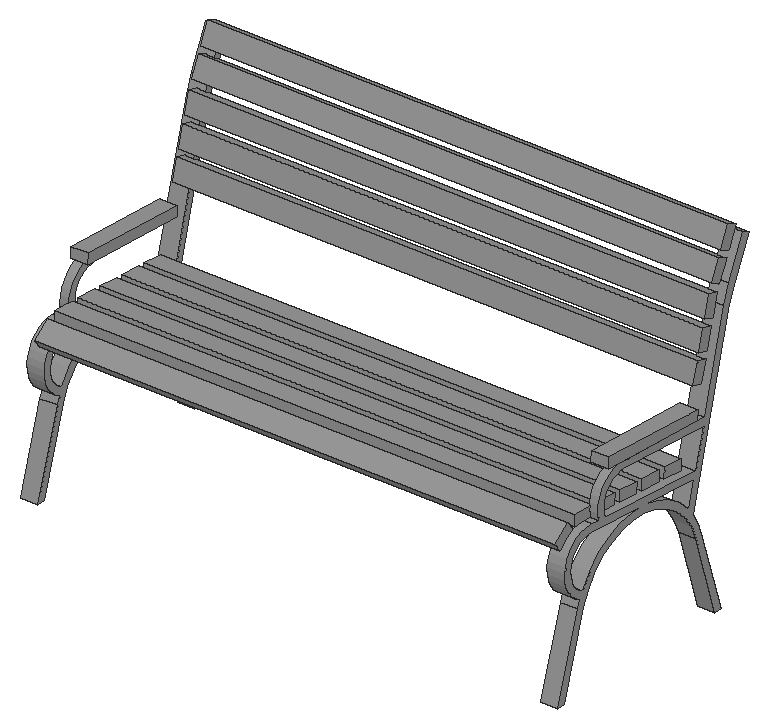
Revit family "Скамейка стальная «Риза» Арт 20380", category Антураж, Revit 2018
Family settings
  На основе рабочей плоскости = Нет
  Всегда вертикально = Да
  При загрузке вырезать с полостями = Нет
  Источник визуального образа = Геометрия семейства
  Общий = Нет
  Точка расчета площади = Нет
Parameters (values of type "Скамейка стальная «Риза»")
  Ширина = 700 mm  # constant formula
  Цвет опор = Сталь
  Цвет лавки = Дерево
  Описание = "Скамейка стальная «Риза»"  # constant formula
  Материал изделия = "Сталь, дерево"  # constant formula
  Изображение типоразмера = Скамейка стальная «Риза» Арт 20380.jpg
  Изготовитель = "ООО «Хоббика»"  # constant formula
  Длина = 1500 mm  # constant formula
  Группа модели = "Скамейки"  # constant formula
  Высота = 960 mm  # constant formula
  Артикул товара = "Арт. 20380"  # constant formula
  URL = "https://hobbyka.ru/product/divan_parkovyy_riza/"
Reference planes
  plane 1 "По центру (Вперед/Назад)": y = 0
  plane 2: z = 0
  plane 3 "По центру (Влево/Вправо)": x = 0
  plane 4: x = 1500
  plane 5: y = 700
  plane 6: z = 960
Forms (mm)
  Extrusion 1, solid, material "Сталь" <- "Цвет опор"
    sketch origin (0, 0, 0) x (0, 1, 0) y (0, 0, 1)
      loop
        line (677.319, 938.787) -> (626.604, 830.03) -> (607.793, 778.347) -> (505.56, 396.806) -> (131.473, 422.965)
        arc (131.473, 422.965) -> (36.013, 353.264) -> (88.579, 247.397) r 91.685
        arc (88.579, 247.397) -> (84.298, 236.685) -> (80.553, 225.774) r 233.338
        line (80.553, 225.774) -> (9.23, 0) -> (30.204, 0) -> (99.624, 219.749)
        arc (99.624, 219.749) -> (303.053, 368.824) -> (506.482, 219.749) r 213.338
        line (506.482, 219.749) -> (575.901, 0) -> (596.875, 0) -> (525.553, 225.774)
        arc (525.553, 225.774) -> (513.211, 256.877) -> (496.547, 285.895) r 233.338
        line (496.547, 285.895) -> (626.886, 772.327) -> (645.1, 822.369) -> (695.445, 930.334) -> (677.319, 938.787)
      loop
        line (500.286, 377.126) -> (130.078, 403.013)
        arc (130.078, 403.013) -> (55.351, 348.144) -> (97.246, 265.442) r 71.685
        arc (97.246, 265.442) -> (278.476, 387.526) -> (481.259, 306.115) r 233.338
        line (481.259, 306.115) -> (500.286, 377.126)
    from -25 to 25
  Extrusion 2, solid, material "Сталь" <- "Цвет опор"
    sketch origin (0, 0, 0) x (0, 1, 0) y (0, 0, 1)
      loop
        line (538.781, 520.79) -> (249.179, 535.968)
        arc (249.179, 535.968) -> (173.492, 502.27) -> (156.267, 421.231) r 91.246
        line (156.267, 421.231) -> (177.732, 419.73)
        arc (177.732, 419.73) -> (186.895, 486.904) -> (248.132, 515.995) r 71.246
        line (248.132, 515.995) -> (533.489, 501.04) -> (538.781, 520.79)
    from -25 to 0
  Extrusion 3, solid, material "Сталь" <- "Цвет опор"
    sketch origin (1500, 0, 0) x (0, 1, 0) y (0, 0, -1)
      loop
        line (677.319, -938.787) -> (695.445, -930.334) -> (645.1, -822.369) -> (626.886, -772.327) -> (496.547, -285.895)
        arc (496.547, -285.895) -> (513.211, -256.877) -> (525.553, -225.774) r 233.338
        line (525.553, -225.774) -> (596.875, 0) -> (575.901, 0) -> (506.482, -219.749)
        arc (506.482, -219.749) -> (303.053, -368.824) -> (99.624, -219.749) r 213.338
        line (99.624, -219.749) -> (30.204, 0) -> (9.23, 0) -> (80.553, -225.774)
        arc (80.553, -225.774) -> (84.298, -236.685) -> (88.579, -247.397) r 233.338
        arc (88.579, -247.397) -> (36.013, -353.264) -> (131.473, -422.965) r 91.685
        line (131.473, -422.965) -> (505.56, -396.806) -> (607.793, -778.347) -> (626.604, -830.03) -> (677.319, -938.787)
      loop
        line (500.286, -377.126) -> (481.259, -306.115)
        arc (481.259, -306.115) -> (278.476, -387.526) -> (97.246, -265.442) r 233.338
        arc (97.246, -265.442) -> (55.351, -348.144) -> (130.078, -403.013) r 71.685
        line (130.078, -403.013) -> (500.286, -377.126)
    from -25 to 25
  Extrusion 4, solid, material "Сталь" <- "Цвет опор"
    sketch origin (1500, 0, 0) x (0, 1, 0) y (0, 0, -1)
      loop
        line (538.781, -520.79) -> (533.489, -501.04) -> (248.132, -515.995)
        arc (248.132, -515.995) -> (186.895, -486.904) -> (177.732, -419.73) r 71.246
        line (177.732, -419.73) -> (156.267, -421.231)
        arc (156.267, -421.231) -> (173.492, -502.27) -> (249.179, -535.968) r 91.246
        line (249.179, -535.968) -> (538.781, -520.79)
    from -25 to 0
  Extrusion 5, solid, material "Дерево" <- "Цвет лавки"
    sketch origin (0, 0, 0) x (0, 1, 0) y (0, 0, 1)
      loop
        line (681.298, 947.321) -> (654.109, 960) -> (628.752, 905.622) -> (655.941, 892.943) -> (681.298, 947.321)
      loop
        line (594.943, 833.117) -> (622.132, 820.438) -> (647.489, 874.817) -> (620.3, 887.495) -> (594.943, 833.117)
      loop
        line (569.409, 751.005) -> (598.387, 743.241) -> (613.916, 801.196) -> (584.938, 808.961) -> (569.409, 751.005)
      loop
        line (548.703, 673.731) -> (577.681, 665.967) -> (593.21, 723.922) -> (564.232, 731.687) -> (548.703, 673.731)
      loop
        line (527.998, 596.457) -> (556.976, 588.693) -> (572.505, 646.648) -> (543.527, 654.413) -> (527.998, 596.457)
      loop
        line (30.344, 404.216) -> (49.139, 380.833) -> (95.905, 418.423) -> (77.11, 441.806) -> (30.344, 404.216)
      loop
        line (102.691, 450.252) -> (102.947, 420.253) -> (162.945, 420.764) -> (162.689, 450.763) -> (102.691, 450.252)
      loop
        line (184.989, 449.296) -> (182.896, 419.369) -> (242.75, 415.184) -> (244.842, 445.11) -> (184.989, 449.296)
      loop
        line (264.794, 443.715) -> (262.701, 413.788) -> (322.555, 409.603) -> (324.647, 439.53) -> (264.794, 443.715)
      loop
        line (344.599, 438.135) -> (342.506, 408.208) -> (402.36, 404.022) -> (404.453, 433.949) -> (344.599, 438.135)
      loop
        line (424.404, 432.554) -> (422.311, 402.627) -> (482.165, 398.442) -> (484.258, 428.369) -> (424.404, 432.554)
    from 0 to 1500
  Extrusion 6, solid, material "Дерево" <- "Цвет лавки"
    sketch origin (0, 0, 0) x (0, 1, 0) y (0, 0, 1)
      loop
        line (510.562, 522.269) -> (512.132, 552.228) -> (192.571, 568.976) -> (191.001, 539.017) -> (510.562, 522.269)
    from -25 to 25
  Extrusion 7, solid, material "Дерево" <- "Цвет лавки"
    sketch origin (1500, 0, 0) x (0, 1, 0) y (0, 0, -1)
      loop
        line (510.562, -522.269) -> (191.001, -539.017) -> (192.571, -568.976) -> (512.132, -552.228) -> (510.562, -522.269)
    from -25 to 25
Cuts and joins
  joined: Extrusion 1, Extrusion 2
  joined: Extrusion 3, Extrusion 4
Dimensions and locks
  "Ширина": plane 5 to plane 1 "По центру (Вперед/Назад)"
  "Длина": plane 3 "По центру (Влево/Вправо)" to plane 4
  "Высота": plane 6 to plane 2
  aligned and locked: level to plane 2
Automatic sketch dimensions
  Extrusion 1 sketch curve to Extrusion 1 sketch curve = 0 mm  (x14)
  Extrusion 1 sketch curve to level = 0 mm  (x2)
  Extrusion 1 sketch curve to plane 1 "По центру (Вперед/Назад)" = 9.23 mm
  Extrusion 1 sketch curve to Extrusion 1 sketch curve = 20.974 mm  (x2)
  Extrusion 1 sketch curve to plane 1 "По центру (Вперед/Назад)" = 80.553 mm
  Extrusion 1 sketch curve to Extrusion 1 sketch curve = 19.071 mm  (x2)
  Extrusion 1 sketch curve to Extrusion 1 sketch curve = 25.454 mm
  Extrusion 1 sketch curve to Extrusion 1 sketch curve = 5 mm
  Extrusion 1 sketch curve to Extrusion 1 sketch curve = 1.395 mm
  Extrusion 1 sketch curve to Extrusion 1 sketch curve = 203.429 mm
  Extrusion 1 sketch curve to plane 5 = 218.741 mm
  Extrusion 1 sketch curve to Extrusion 1 sketch curve = 15.288 mm
  Extrusion 1 sketch curve to Extrusion 1 sketch curve = 19.027 mm
  Extrusion 1 sketch curve to Extrusion 1 sketch curve = 5.273 mm
  Extrusion 1 sketch curve to Extrusion 1 sketch curve = 9.935 mm
  Extrusion 1 sketch curve to plane 5 = 124.099 mm
  Extrusion 1 sketch curve to plane 5 = 92.207 mm
  Extrusion 1 sketch curve to Extrusion 1 sketch curve = 18.811 mm
  Extrusion 1 sketch curve to Extrusion 1 sketch curve = 19.093 mm
  Extrusion 1 sketch curve to Extrusion 1 sketch curve = 18.495 mm
  Extrusion 1 sketch curve to plane 5 = 22.681 mm
  Extrusion 1 sketch curve to plane 5 = 4.555 mm
  level to Extrusion 1 sketch curve = 155.486 mm
  Extrusion 1 sketch curve to Extrusion 1 sketch curve = 64.264 mm
  Extrusion 1 sketch curve to Extrusion 1 sketch curve = 6.025 mm  (x2)
  Extrusion 1 sketch curve to Extrusion 1 sketch curve = 20.219 mm
  Extrusion 1 sketch curve to Extrusion 1 sketch curve = 111.754 mm
  Extrusion 1 sketch curve to Extrusion 1 sketch curve = 71.011 mm
  Extrusion 1 sketch curve to Extrusion 1 sketch curve = 19.68 mm
  Extrusion 1 sketch curve to Extrusion 1 sketch curve = 71.51 mm
  Extrusion 1 sketch curve to Extrusion 1 sketch curve = 19.951 mm
  Extrusion 1 sketch curve to plane 6 = 187.673 mm
  Extrusion 1 sketch curve to Extrusion 1 sketch curve = 6.02 mm
  Extrusion 1 sketch curve to Extrusion 1 sketch curve = 50.042 mm
  Extrusion 1 sketch curve to Extrusion 1 sketch curve = 7.661 mm
  Extrusion 2 sketch curve to Extrusion 2 sketch curve = 0 mm  (x2)
  Extrusion 2 sketch curve to plane 1 "По центру (Вперед/Назад)" = 156.267 mm
  Extrusion 2 sketch curve to Extrusion 2 sketch curve = 21.465 mm
  Extrusion 2 sketch curve to Extrusion 2 sketch curve = 66.671 mm
  Extrusion 2 sketch curve to Extrusion 2 sketch curve = 3.729 mm
  Extrusion 2 sketch curve to Extrusion 2 sketch curve = 1.047 mm
  Extrusion 2 sketch curve to plane 5 = 166.511 mm
  Extrusion 2 sketch curve to Extrusion 2 sketch curve = 5.292 mm
  level to Extrusion 2 sketch curve = 419.73 mm
  Extrusion 2 sketch curve to Extrusion 2 sketch curve = 1.501 mm
  Extrusion 2 sketch curve to Extrusion 2 sketch curve = 25.117 mm
  Extrusion 2 sketch curve to Extrusion 2 sketch curve = 14.955 mm
  Extrusion 2 sketch curve to Extrusion 2 sketch curve = 19.75 mm
  Extrusion 3 sketch curve to Extrusion 3 sketch curve = 0 mm  (x14)
  Extrusion 3 sketch curve to level = 0 mm  (x2)
  Extrusion 3 sketch curve to plane 1 "По центру (Вперед/Назад)" = 9.23 mm
  Extrusion 3 sketch curve to Extrusion 3 sketch curve = 20.974 mm  (x2)
  Extrusion 3 sketch curve to plane 1 "По центру (Вперед/Назад)" = 80.553 mm
  Extrusion 3 sketch curve to Extrusion 3 sketch curve = 19.071 mm  (x2)
  Extrusion 3 sketch curve to Extrusion 3 sketch curve = 25.454 mm
  Extrusion 3 sketch curve to Extrusion 3 sketch curve = 5 mm
  Extrusion 3 sketch curve to Extrusion 3 sketch curve = 1.395 mm
  Extrusion 3 sketch curve to Extrusion 3 sketch curve = 203.429 mm
  Extrusion 3 sketch curve to plane 5 = 218.741 mm
  Extrusion 3 sketch curve to Extrusion 3 sketch curve = 15.288 mm
  Extrusion 3 sketch curve to Extrusion 3 sketch curve = 19.027 mm
  Extrusion 3 sketch curve to Extrusion 3 sketch curve = 5.273 mm
  Extrusion 3 sketch curve to Extrusion 3 sketch curve = 9.935 mm
  Extrusion 3 sketch curve to plane 5 = 124.099 mm
  Extrusion 3 sketch curve to plane 5 = 92.207 mm
  Extrusion 3 sketch curve to Extrusion 3 sketch curve = 18.811 mm
  Extrusion 3 sketch curve to Extrusion 3 sketch curve = 19.093 mm
  Extrusion 3 sketch curve to Extrusion 3 sketch curve = 18.495 mm
  Extrusion 3 sketch curve to plane 5 = 22.681 mm
  Extrusion 3 sketch curve to plane 5 = 4.555 mm
  level to Extrusion 3 sketch curve = 155.486 mm
  Extrusion 3 sketch curve to Extrusion 3 sketch curve = 64.264 mm
  Extrusion 3 sketch curve to Extrusion 3 sketch curve = 6.025 mm  (x2)
  Extrusion 3 sketch curve to Extrusion 3 sketch curve = 20.219 mm
  Extrusion 3 sketch curve to Extrusion 3 sketch curve = 111.754 mm
  Extrusion 3 sketch curve to Extrusion 3 sketch curve = 71.011 mm
  Extrusion 3 sketch curve to Extrusion 3 sketch curve = 19.68 mm
  Extrusion 3 sketch curve to Extrusion 3 sketch curve = 71.51 mm
  Extrusion 3 sketch curve to Extrusion 3 sketch curve = 19.951 mm
  Extrusion 3 sketch curve to plane 6 = 187.673 mm
  Extrusion 3 sketch curve to Extrusion 3 sketch curve = 6.02 mm
  Extrusion 3 sketch curve to Extrusion 3 sketch curve = 50.042 mm
  Extrusion 3 sketch curve to Extrusion 3 sketch curve = 7.661 mm
  Extrusion 4 sketch curve to Extrusion 4 sketch curve = 0 mm  (x2)
  Extrusion 4 sketch curve to plane 1 "По центру (Вперед/Назад)" = 156.267 mm
  Extrusion 4 sketch curve to Extrusion 4 sketch curve = 21.465 mm
  Extrusion 4 sketch curve to Extrusion 4 sketch curve = 66.671 mm
  Extrusion 4 sketch curve to Extrusion 4 sketch curve = 3.729 mm
  Extrusion 4 sketch curve to Extrusion 4 sketch curve = 1.047 mm
  Extrusion 4 sketch curve to plane 5 = 166.511 mm
  Extrusion 4 sketch curve to Extrusion 4 sketch curve = 5.292 mm
  Extrusion 4 sketch curve to plane 6 = 424.032 mm
  Extrusion 4 sketch curve to Extrusion 4 sketch curve = 15.177 mm
  Extrusion 4 sketch curve to Extrusion 4 sketch curve = 19.973 mm
  Extrusion 4 sketch curve to Extrusion 4 sketch curve = 19.75 mm
  Extrusion 4 sketch curve to Extrusion 4 sketch curve = 71.148 mm
  Extrusion 5 sketch curve to plane 6 = 0 mm
  Extrusion 5 sketch curve to plane 1 "По центру (Вперед/Назад)" = 30.344 mm
  Extrusion 5 sketch curve to Extrusion 5 sketch curve = 18.795 mm
  Extrusion 5 sketch curve to Extrusion 5 sketch curve = 46.766 mm
  Extrusion 5 sketch curve to Extrusion 5 sketch curve = 25.582 mm
  Extrusion 5 sketch curve to Extrusion 5 sketch curve = 7.042 mm
  Extrusion 5 sketch curve to Extrusion 5 sketch curve = 59.998 mm
  Extrusion 5 sketch curve to Extrusion 5 sketch curve = 19.951 mm  (x7)
  Extrusion 5 sketch curve to Extrusion 5 sketch curve = 22.299 mm
  Extrusion 5 sketch curve to Extrusion 5 sketch curve = 59.854 mm  (x4)
  Extrusion 5 sketch curve to plane 5 = 172.002 mm
  Extrusion 5 sketch curve to Extrusion 5 sketch curve = 15.529 mm  (x3)
  Extrusion 5 sketch curve to Extrusion 5 sketch curve = 5.176 mm  (x4)
  Extrusion 5 sketch curve to Extrusion 5 sketch curve = 28.978 mm
  Extrusion 5 sketch curve to Extrusion 5 sketch curve = 10.005 mm
  Extrusion 5 sketch curve to Extrusion 5 sketch curve = 25.357 mm
  Extrusion 5 sketch curve to Extrusion 5 sketch curve = 8.216 mm
  Extrusion 5 sketch curve to Extrusion 5 sketch curve = 8.452 mm  (x2)
  Extrusion 5 sketch curve to plane 5 = 45.891 mm
  Extrusion 5 sketch curve to plane 6 = 12.679 mm
  Extrusion 5 sketch curve to Extrusion 5 sketch curve = 18.126 mm  (x2)
  Extrusion 5 sketch curve to Extrusion 5 sketch curve = 24.156 mm
  Extrusion 5 sketch curve to Extrusion 5 sketch curve = 19.242 mm
  Extrusion 5 sketch curve to Extrusion 5 sketch curve = 19.319 mm  (x4)
  Extrusion 5 sketch curve to Extrusion 5 sketch curve = 145.694 mm
  Extrusion 5 sketch curve to Extrusion 5 sketch curve = 0.511 mm
  Extrusion 5 sketch curve to Extrusion 5 sketch curve = 1.467 mm
  Extrusion 5 sketch curve to Extrusion 5 sketch curve = 4.185 mm  (x4)
  Extrusion 5 sketch curve to Extrusion 5 sketch curve = 1.395 mm  (x3)
  Extrusion 5 sketch curve to Extrusion 5 sketch curve = 8.447 mm
  Extrusion 5 sketch curve to Extrusion 5 sketch curve = 1.831 mm
  Extrusion 6 sketch curve to plane 1 "По центру (Вперед/Назад)" = 191.001 mm
  Extrusion 6 sketch curve to Extrusion 6 sketch curve = 1.57 mm
  Extrusion 6 sketch curve to plane 5 = 189.438 mm
  level to Extrusion 6 sketch curve = 522.269 mm
  Extrusion 6 sketch curve to Extrusion 6 sketch curve = 16.748 mm
  Extrusion 7 sketch curve to plane 1 "По центру (Вперед/Назад)" = 191.001 mm
  Extrusion 7 sketch curve to Extrusion 7 sketch curve = 1.57 mm
  Extrusion 7 sketch curve to plane 5 = 189.438 mm
  level to Extrusion 7 sketch curve = 568.976 mm
  Extrusion 7 sketch curve to Extrusion 7 sketch curve = 16.748 mm
